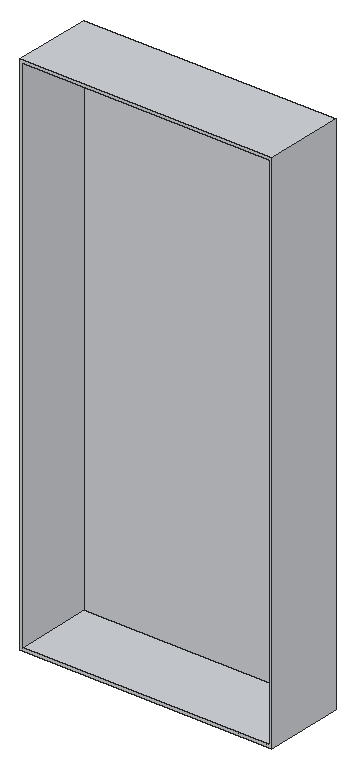
Revit family "Hager-Volta-IP30-Surface_mounted-empty-NoHosted-CH-en", category Electrical Equipment, Revit 2020
Family settings
  Panel Configuration = Two Columns, Circuits Across
  Round Connector Dimension = Use Diameter
  Part Type = Panelboard
  Work Plane-Based = Yes
  Always vertical = Yes
  Cut with Voids When Loaded = No
  Shared = No
  Room Calculation Point = No
Parameters (values of type "Surface mounted IP30 W305 H640 D96.5 12 Modular spacings - VA48MD")
  Width Control [instance] = if([HG000006 - Flush mounted], if([EF000846 - Built-in width] > min_whd, [EF000846 - Built-in width], min_whd), if([EF000008 - Width] > min_whd, ([EF000008 - Width]), min_whd))  # 305 mm
  Void Depth [instance] = if([EF000218 - Built-in depth] > 1 mm, [EF000218 - Built-in depth], 1 mm)  # 1 mm
  Type Comments = [HG000003 - Range]  # "Volta"
  System Height [instance] = Height Control - 2 * [HG000005 - Thickness]  # 634 mm
  Panel Name [instance] = ""  # (empty or 0)
  Offset [instance] = 0 mm
  Model = [HG000004 - Manufacturer reference]  # "VA48MD"
  Level Offset [instance] = [Flush Mounted - Door Frame Width] + Offset  # 0 mm
  HG000017 - Distance between poles = 18 mm
  HG000016 - Door 3d visibility [instance] = yes
  HG000015 - Clearance visibility [instance] = no
  HG000014 - Door on the right [instance] = yes
  HG000013 - Door on the left [instance] = not([HG000014 - Door on the right])  # no
  HG000012 - Door swing angle [instance] = 45.00°
  HG000011 - Empty rows from bottom = no
  HG000010 - Asymmetric doors = no
  HG000009 - Double swing door = no
  HG000008 - Number of empty rows = 0
  HG000007 - Number of empty columns = 0
  HG000006 - Flush mounted = no
  HG000005 - Thickness = 3 mm  # constant formula
  HG000004 - Manufacturer reference = "VA48MD"
  HG000003 - Range = "Volta"
  HG000002 - With door or cover = no
  HG000001 - Number of columns = 0
  EF015941 - Signal passing door = no
  EF015777 - Neutral terminal block = no
  EF015776 - Earthing terminal block = no
  EF009212 - Cover model = "EV009916 - With notch"
  EF006306 - With lock = no
  EF006244 - Transparent cover/door = no
  EF005474 - Degree of protection (IP) = "EV006410 - IP30"
  EF004462 - Type of closure = ""
  EF002950 - Width in number of modular spacings = 12
  EF001596 - Material housing = ""
  EF001134 - DIN-rail = no
  EF001131 - Internal depth = 0 mm
  EF001088 - Extension possible = yes
  EF001062 - EMC-version = no
  EF000846 - Built-in width = 0 mm
  EF000339 - Type of cover = "EV000494 - None"
  EF000332 - Built-in height = 0 mm
  EF000266 - Number of rows = 0
  EF000218 - Built-in depth = 0 mm
  EF000118 - With mounting plate = yes
  EF000116 - RAL-number = "9010"
  EF000049 - Depth = 96 mm
  EF000040 - Height = 640 mm
  EF000008 - Width = 305 mm
  EF000007 - Colour = ""
  EF000003 - Mounting method = "EV000384 - Surface mounted (plaster)"
  Description = ""
  Default Elevation = 1219.2 mm
  Arrow Offset [instance] = Depth Control / 8  # 12 mm
  Arrow Height [instance] = Depth Control - Arrow Offset  # 84 mm
  Host Offset [instance] = if([HG000006 - Flush mounted], 0 mm, [EF000049 - Depth])  # 96 mm
  min_whd [instance] = (2 * [HG000005 - Thickness]) + 1 mm  # 7 mm
  Manufacturer = "Hager"  # constant formula
  Height Control [instance] = if([HG000006 - Flush mounted], if([EF000332 - Built-in height] > min_whd, [EF000332 - Built-in height], min_whd), if([EF000040 - Height] > min_whd, ([EF000040 - Height]), min_whd))  # 640 mm
  Flush Mounted - Door Frame Width [instance] = if(([EF000040 - Height] - [EF000332 - Built-in height]) > 0 mm, if([HG000006 - Flush mounted], [EF000040 - Height] - [EF000332 - Built-in height], 0 mm), 0 mm)  # 0 mm
  Depth Control [instance] = if([HG000006 - Flush mounted], if([EF000218 - Built-in depth] > 0 mm, [EF000218 - Built-in depth], 1 mm), if([EF000049 - Depth] > 0 mm, ([EF000049 - Depth]), 1 mm))  # 96 mm
Reference planes
  plane 1 "Center (Front/Back)": y = 0
  plane 2: z = 0
  plane 3 "Center (Left/Right)": x = 0
  plane 4: y = 3
  plane 5: y = 0
  plane 6: y = 0
  plane 7: z = 0
  plane 8: x = -152.5
  plane 9: x = 152.5
  plane 10: x = 149.5
  plane 11: x = -149.5
  plane 12: z = 0
  plane 13: z = 3
  plane 14: y = -91
  plane 15: y = -96
  plane 16: y = -3
  plane 17: z = 637
  plane 18: z = 640
  plane 19: z = 320
  plane 20: x = 0
  plane 21: y = -100
Forms (mm)
  Extrusion 1, solid
    sketch origin (-208.679, -4572, 0) x (-1, 0, 0) y (0, -1, 0)
      loop
        line (-56.179, -4476) -> (-361.179, -4476) -> (-361.179, -4572) -> (-56.179, -4572) -> (-56.179, -4476)
    from 0 to 640 <- "Height Control"
  Extrusion 2, void
    sketch origin (-350.771, -96, 1219.2) x (1, 0, 0) y (0, 0, 1)
      loop
        line (201.271, -582.2) -> (201.271, -1216.2) -> (500.271, -1216.2) -> (500.271, -582.2) -> (201.271, -582.2)
    from 0 to -93
  Extrusion 3, solid, detail levels coarse+medium
    sketch origin (-350.771, -96, 1219.2) x (-1, 0, 0) y (0, 0, 1)
      loop
        line (-201.271, -582.2) -> (-500.271, -582.2) -> (-500.271, -1216.2) -> (-201.271, -1216.2) -> (-201.271, -582.2)
    from 0 to 3 <- "HG000005 - Thickness"
Cuts and joins
  Extrusion 2 cuts Extrusion 1
Dimensions and locks
  "Flush Mounted - Door Frame Width": plane 1 "Center (Front/Back)" to plane 6
  "HG000005 - Thickness": plane 4 to plane 6
  "HG000005 - Thickness": plane 8 to plane 11
  "HG000005 - Thickness": plane 9 to plane 10
  equal spacing: plane 8, plane 3 "Center (Left/Right)", plane 9
  "Width Control": plane 8 to plane 9
  locked: plane 14 to plane 15 at 5
  "Host Offset": plane 1 "Center (Front/Back)" to plane 15
  "Depth Control": plane 5 to plane 15
  "HG000005 - Thickness": plane 5 to plane 16
  "HG000005 - Thickness": plane 13 to plane 12
  "Level Offset": plane 12 to level
  "HG000005 - Thickness": plane 18 to plane 17
  "Height Control": plane 18 to plane 12
  "Arrow Offset": plane 5 to nested 4
  equal spacing: plane 18, plane 19, plane 12
  locked: connector elem to plane 19
  locked: connector elem to plane 3 "Center (Left/Right)"
  aligned and locked: nested 1 to plane 14
  aligned and locked: plane 3 "Center (Left/Right)" to nested 1
  aligned and locked: plane 3 "Center (Left/Right)" to nested 2
  aligned and locked: nested 2 to plane 15
  aligned and locked: plane 5 to Extrusion 1
  aligned and locked: Extrusion 3 sketch curve to plane 17
  aligned and locked: Extrusion 3 sketch curve to plane 11
  aligned and locked: plane 13 to Extrusion 3 sketch curve
  aligned and locked: Extrusion 3 sketch curve to plane 10
  aligned and locked: plane 13 to Extrusion 2 sketch curve
  aligned and locked: Extrusion 2 sketch curve to plane 10
  aligned and locked: Extrusion 2 sketch curve to plane 17
  aligned and locked: Extrusion 2 sketch curve to plane 11
  aligned and locked: plane 16 to Extrusion 2
  aligned and locked: plane 5 to Extrusion 1 sketch curve
  aligned and locked: plane 9 to Extrusion 1 sketch curve
  aligned and locked: plane 8 to Extrusion 1 sketch curve
  aligned and locked: plane 8 to nested 4
  aligned and locked: plane 8 to nested 3
  aligned and locked: nested 3 to plane 5
  aligned and locked: Extrusion 1 sketch curve to plane 15
  aligned and locked: Extrusion 2 to plane 15
Nested families
  nested 1: "Hager_Enclosure_System" at (0, -91, 3), Flush_Mounted <- "HG000006 - Flush mounted", Width <- "EF000008 - Width", Height <- "System Height", Width_Control <- "Width Control", Row_Module_Multiplicator <- "EF002950 - Width in number of modular spacings", Empty_Columns <- "HG000007 - Number of empty columns", Built-in_Width <- "EF000846 - Built-in width", Border <- "HG000005 - Thickness", Total_No_Empty_Rows <- "HG000008 - Number of empty rows", Depth <- "HG000005 - Thickness", Empty_Rows_From_Bottom <- "HG000011 - Empty rows from bottom", Distance_Between_Poles <- "HG000017 - Distance between poles", Rows_Count <- "EF000266 - Number of rows", Columns_Count <- "HG000001 - Number of columns", type "Hager_Enclosure_System", detail levels medium+fine
    with Width_Control 305 mm, Width 305 mm, Total_No_Rows 0, Total_No_Empty_Rows 0, Total_No_Columns 1, System_Width 299 mm, Rows_Count 0, Rows_Column 0, Row_Module_Multiplicator 12, Panel_4 no, Panel_3 no, Panel_2 no, Panel_1 no, No_Panels_Ctrl 1, Hide_Columns yes, Height 634 mm, Flush_Mounted no, Empty_Rows_From_Bottom no, Empty_Rows_Column 0, Empty_Columns 0, Distance_Between_Poles 18 mm, Depth 3 mm, Columns_Count 0, Column_Width 299 mm, Built-in_Width 0 mm, Border 3 mm
  nested 2: "Hager_Enclosure_Door" at (0, -96, 0), Double <- "HG000009 - Double swing door", Height_Ctrl <- "Height Control", Transparent <- "EF006244 - Transparent cover/door", Depth <- "EF000049 - Depth", Height <- "EF000040 - Height", Angle <- "HG000012 - Door swing angle", Door_Right <- "HG000014 - Door on the right", Assymetrical <- "HG000010 - Asymmetric doors", Flush_Mounted <- "HG000006 - Flush mounted", BuiltIn_Depth <- "EF000218 - Built-in depth", BuiltIn_Width <- "EF000846 - Built-in width", Door <- "HG000002 - With door or cover", Width_Ctrl <- "Width Control", 3d_Door <- "HG000016 - Door 3d visibility", Width <- "EF000008 - Width", Border <- "HG000005 - Thickness", BuiltIn_Height <- "EF000332 - Built-in height", Clearance <- "HG000015 - Clearance visibility", Door_Left <- "HG000013 - Door on the left", type "Hager_Enclosure_Door", detail levels medium+fine
    with min_wh 7 mm, Width_Ctrl 305 mm, Width 305 mm, Transparent_Door_No_Bottom_Border no, Transparent no, Leaf_Width 296 mm, Leaf_Tolerance 1.5 mm, Leaf_Height 631 mm, Leaf_2_Width 296 mm, Leaf_2_Offset 148 mm, Leaf_1_Width 296 mm, Leaf_1_Offset 148 mm, Height_Ctrl 640 mm, Height 640 mm, Frame_Width_Ctrl 305 mm, Frame_Width 305 mm, Frame_Internal_Offset 0 mm, Frame_Height_Ctrl 640 mm, Frame_Height 640 mm, Frame_Depth_Ctrl 1 mm, Frame_Depth 0 mm, Flush_Mounted no, Double_Clearance_Ctrl no, Double no, Door_Right_Ctrl no, Door_Right yes, Door_Left_Ctrl no, Door_Left no, Door no, Depth 96 mm, Clearance_Depth 296 mm, Clearance_Ctrl no, Clearance no, BuiltIn_Width 0 mm, BuiltIn_Height 0 mm, BuiltIn_Depth 0 mm, Border 3 mm, Assymetrical no, Angle 45.00°, 3d_Door yes
  nested 3: "Hager_Enclosure_Symbol_Triangle" at (-152.5, 0, 0), Depth <- "Depth Control", Width <- "Width Control", type "Hager_Enclosure_Symbol_Triangle"
    with Width_Ctrl 305 mm, Width 305 mm, Depth_Ctrl 96 mm, Depth 96 mm
  nested 4: "Hager_Enclosure_Symbol_Arrow" at (-152.5, -12, 0), Height <- "Arrow Height", type "Hager_Enclosure_Symbol_Arrow"
    with Width_Inside 6.3 mm, Width 75.6 mm, Height_Ctrl 84 mm, Height 84 mm
Connectors
  electrical at (0, 0, 320)
    settings: on plane 5, index 1, voltage 0 V, apparent load 0 VA, apparent load phase1 0 VA, apparent load phase2 0 VA, apparent load phase3 0 VA, power factor 1, load classification "Other", number of poles 1, system type 30, power factor state 1, is connector primary yes, connector utility no, sub classification motor no, connector description ""
Definition of nested family "Hager_Enclosure_Door"
  Parameters (values of type "Hager_Enclosure_Door")
    min_wh [instance] = (2 * Border) + 1 mm  # 11 mm
    Width_Ctrl [instance] = 400 mm
    Width [instance] = 500 mm
    Transparent_Door_No_Bottom_Border [instance] = no
    Transparent [instance] = yes
    Leaf_Width [instance] = if((Width_Ctrl - 2 * Border - 2 * Leaf_Tolerance) > 0 mm, (Width_Ctrl - 2 * Border - 2 * Leaf_Tolerance), min_wh)  # 387 mm
    Leaf_Tolerance [instance] = 1.5 mm  # constant formula
    Leaf_Height [instance] = if((Height_Ctrl - 2 * Border - 2 * Leaf_Tolerance) > 0 mm, (Height_Ctrl - 2 * Border - 2 * Leaf_Tolerance), min_wh)  # 387 mm
    Leaf_2_Width [instance] = if(and(and(Double, Assymetrical), Door_Left), (Leaf_Width / 3) - (Leaf_Tolerance / 2), if(and(and(Double, Assymetrical), Door_Right), (Leaf_Width / 3) * 2 - (Leaf_Tolerance / 2), if(and(Double, not(Assymetrical)), (Leaf_Width / 2) - Leaf_Tolerance, Leaf_Width)))  # 387 mm
    Leaf_2_Offset [instance] = if(and(Double, Assymetrical), Leaf_2_Width / 2, if(and(Double, not(Assymetrical)), Leaf_Width / 4, Leaf_Width / 2))  # 193.5 mm
    Leaf_1_Width [instance] = if(and(and(Double, Assymetrical), Door_Right), (Leaf_Width / 3) - (Leaf_Tolerance / 2), if(and(and(Double, Assymetrical), Door_Left), (Width / 3) * 2 - (Leaf_Tolerance / 2), if(and(Double, not(Assymetrical)), (Leaf_Width / 2) - Leaf_Tolerance, Leaf_Width)))  # 387 mm
    Leaf_1_Offset [instance] = if(and(Double, Assymetrical), Leaf_1_Width / 2, if(and(Double, not(Assymetrical)), Leaf_Width / 4, Leaf_Width / 2))  # 193.5 mm
    Height_Ctrl [instance] = 400 mm
    Height [instance] = 500 mm
    Frame_Width_Ctrl [instance] = if(Frame_Width > 0 mm, Frame_Width, 1 mm)  # 1 mm
    Frame_Width [instance] = Width - BuiltIn_Width  # 0 mm
    Frame_Internal_Offset [instance] = if(Flush_Mounted, Border, 0 mm)  # 5 mm
    Frame_Height_Ctrl [instance] = if(Frame_Height > 0 mm, Frame_Height, 1 mm)  # 1 mm
    Frame_Height [instance] = Height - BuiltIn_Height  # 0 mm
    Frame_Depth_Ctrl [instance] = if(Frame_Depth > 0 mm, Frame_Depth, 1 mm)  # 1 mm
    Frame_Depth [instance] = if(Depth - BuiltIn_Depth > 0 mm, if(Flush_Mounted, Depth - BuiltIn_Depth, 0 mm), 0 mm)  # 0 mm
    Flush_Mounted [instance] = yes
    Double_Clearance_Ctrl [instance] = and(Double, Clearance)  # no
    Double [instance] = no
    Door_Right_Ctrl [instance] = and(or(Door_Right, Double), Door)  # yes
    Door_Right [instance] = yes
    Door_Left_Ctrl [instance] = and(or(Door_Left, Double), Door)  # no
    Door_Left [instance] = no
    Door [instance] = yes
    Depth [instance] = 500 mm
    Default Elevation = 1219.2 mm
    Clearance_Material = none
    Clearance_Depth [instance] = if(Leaf_1_Width > Leaf_2_Width, Leaf_1_Width, Leaf_2_Width)  # 387 mm
    Clearance_Ctrl [instance] = and(not(Double), Clearance)  # yes
    Clearance [instance] = yes
    BuiltIn_Width [instance] = 500 mm
    BuiltIn_Height [instance] = 500 mm
    BuiltIn_Depth [instance] = 500 mm
    Border [instance] = 5 mm
    Assymetrical [instance] = yes
    Angle [instance] = 30.00°
    3d_Door [instance] = yes
  Reference planes
    plane 1 "Center (Front/Back)": y = 0
    plane 2 "Bottom": z = 0
    plane 3 "Center (Left/Right)": x = 0
    plane 4: z = 400
    plane 5: x = -200
    plane 6: x = 200
    plane 7: z = 395
    plane 8: x = -195
    plane 9: z = 5
    plane 10: x = 195
    plane 11: y = 0
    plane 12: z = 6.5
    plane 13: x = -582
    plane 14: y = -387
    plane 15: x = 582
    plane 16: x = 0
    plane 17: x = 0
    plane 18: x = -193.5
    plane 19: x = 193.5
    plane 20: z = 393.5
  Forms (mm)
    Extrusion 1, solid, visible <- "Flush_Mounted"
      sketch origin (0, 0, 0) x (1, 0, 0) y (0, 0, 1)
        loop
          line (195, 5) -> (195, 395) -> (-195, 395) -> (-195, 5) -> (195, 5)
        loop
          line (-201, 401) -> (-201, -1) -> (201, -1) -> (201, 401) -> (-201, 401)
      from 0 to 1 <- "Frame_Depth_Ctrl"
    Extrusion 2, solid, material <- "Clearance_Material", visible <- "Double_Clearance_Ctrl"
      sketch origin (1200, 0, 0) x (1, 0, 0) y (0, 0, -1)
        loop
          line (-1782, -393.5) -> (-618, -393.5) -> (-618, 0) -> (-1782, 0) -> (-1782, -393.5)
      from 0 to -387
  Dimensions and locks
    equal spacing: plane 5, plane 3 "Center (Left/Right)", plane 6
    "Width_Ctrl": plane 5 to plane 6
    "Border": plane 5 to plane 8
    "Border": plane 6 to plane 10
    "Border": plane 9 to level
    "Border": plane 4 to plane 7
    "Height_Ctrl": plane 4 to level
    "Leaf_Tolerance": plane 12 to plane 9
    "Frame_Depth": plane 11 to plane 1 "Center (Front/Back)"
    "Frame_Width_Ctrl": plane 5 to Extrusion 1 sketch curve
    "Frame_Width_Ctrl": plane 6 to Extrusion 1 sketch curve
    "Frame_Width_Ctrl": Extrusion 1 sketch curve to plane 4
    "Frame_Width_Ctrl": plane 2 "Bottom" to Extrusion 1 sketch curve
    "Leaf_1_Offset": plane 18 to plane 16
    "Leaf_2_Offset": plane 17 to plane 19
    "Leaf_1_Width": plane 13 to plane 8
    "Leaf_2_Width": plane 10 to plane 15
    "Clearance_Depth": plane 14 to plane 1 "Center (Front/Back)"
    "Leaf_Tolerance": plane 8 to plane 18
    "Leaf_Tolerance": plane 19 to plane 10
    "Leaf_Tolerance": plane 7 to plane 20
    "Frame_Internal_Offset": plane 5 to Extrusion 1 sketch curve
    "Frame_Internal_Offset": Extrusion 1 sketch curve to plane 2 "Bottom"
    "Frame_Internal_Offset": plane 6 to Extrusion 1 sketch curve
    "Frame_Internal_Offset": plane 4 to Extrusion 1 sketch curve
    aligned and locked: level to plane 2 "Bottom"
    aligned and locked: nested 1 to plane 16
    aligned and locked: nested 2 to plane 17
    aligned and locked: Extrusion 2 to plane 13
    aligned and locked: plane 15 to Extrusion 2
    aligned and locked: Extrusion 2 to plane 14
    aligned and locked: plane 12 to nested 1
    aligned and locked: nested 2 to plane 12
    aligned and locked: Extrusion 2 to plane 11
    aligned and locked: plane 20 to Extrusion 2
    aligned and locked: nested 2 to plane 11
    aligned and locked: nested 1 to plane 11
  Automatic sketch dimensions
    Extrusion 2 sketch curve to level = 0 mm
    plane 5 to Extrusion 2 sketch curve = 382 mm
    plane 6 to Extrusion 2 sketch curve = 382 mm
    Extrusion 2 sketch curve to plane 4 = 6.5 mm
  Nested families
    nested 1: "Hager_Enclosure_Door_Leaf" at (0, 0, 6.5), Width <- "Leaf_1_Width", visible <- "Door_Left_Ctrl", Leaf_Height <- "Leaf_Height", Angle <- "Angle", Depth <- "Border", 3d_Door <- "3d_Door", Transparent <- "Transparent", Clearance Material <- "Clearance_Material", Clearance <- "Clearance_Ctrl", Transparent_Door_No_Bottom_Border <- "Transparent_Door_No_Bottom_Border", type "Hager_Enclosure_Door_Leaf"
      with Width 387 mm, Transparent_Door_No_Bottom_Border no, Transparent_Door_Border_Bottom_Top 25 mm, Transparent_Door_Border 25 mm, Transparent_Ctrl yes, Transparent yes, Standard no, Leaf_Height 387 mm, Glass_Offset 1 mm, Depth 5 mm, Clearance Material none, Clearance yes, Angle_Ctrl 30.00°, Angle 30.00°, 3d_Door yes
    nested 2: "Hager_Enclosure_Door_Leaf" at (0, 0, 6.5) x (-1, 0, 0) z (0, 0, 1), Width <- "Leaf_2_Width", visible <- "Door_Right_Ctrl", Leaf_Height <- "Leaf_Height", Angle <- "Angle", Depth <- "Border", 3d_Door <- "3d_Door", Transparent <- "Transparent", Clearance Material <- "Clearance_Material", Clearance <- "Clearance_Ctrl", Transparent_Door_No_Bottom_Border <- "Transparent_Door_No_Bottom_Border", type "Hager_Enclosure_Door_Leaf"
      with Width 387 mm, Transparent_Door_No_Bottom_Border no, Transparent_Door_Border_Bottom_Top 25 mm, Transparent_Door_Border 25 mm, Transparent_Ctrl yes, Transparent yes, Standard no, Leaf_Height 387 mm, Glass_Offset 1 mm, Depth 5 mm, Clearance Material none, Clearance yes, Angle_Ctrl 30.00°, Angle 30.00°, 3d_Door yes
  Definition of nested family "Hager_Enclosure_Door_Leaf"
    Parameters (values of type "Hager_Enclosure_Door_Leaf")
      Width [instance] = 2000 mm
      Transparent_Door_No_Bottom_Border [instance] = yes
      Transparent_Door_Border_Bottom_Top [instance] = if(Transparent_Door_No_Bottom_Border, 0.1 mm, Transparent_Door_Border)  # 0.1 mm
      Transparent_Door_Border [instance] = if(Transparent_Door_No_Bottom_Border, (Width * 0.12), 25 mm)  # 240 mm
      Transparent_Ctrl [instance] = and(Transparent, [3d_Door])  # yes
      Transparent [instance] = yes
      Standard [instance] = and(not(Transparent), [3d_Door])  # no
      Leaf_Height [instance] = 2720.336 mm
      Glass_Offset [instance] = if((Depth - 10 mm) / 2 > 0 mm, (Depth - 10 mm) / 2, 1 mm)  # 15 mm
      Glass_Material = none
      Depth [instance] = 40 mm
      Default Elevation = 0 mm
      Clearance Material [instance] = none
      Clearance [instance] = yes
      Angle_Ctrl [instance] = if(Angle > 170.00°, 170.00°, Angle)  # 45.00°
      Angle [instance] = 45.00°
      3d_Door [instance] = yes
    Reference planes
      plane 1 "Center (Front/Back)": y = 0
      plane 2: z = 0
      plane 3 "Center (Left/Right)": x = 0
      plane 4: y = 2000
      plane 5: x = -1000
      plane 6: x = 1000
      plane 7: x = -3000
      plane 8: z = 2720.336
      plane 9: z = 0.1
      plane 10: z = 2720.236
      plane 11: x = 760
      plane 12: x = -760
    Forms (mm)
      Extrusion 1, solid, material <- "Clearance Material", visible <- "Clearance"
        sketch origin (0, 0, 0) x (1, 0, 0) y (0, 0, 1)
          loop
            line (-3000, 2720.336) -> (-3000, 0) -> (1000, 0) -> (1000, 2720.336) -> (-3000, 2720.336)
        from 0 to -2000
      Extrusion 2, solid, visible <- "Standard", detail levels medium+fine
        sketch origin (-1000, 0, 0) x (0.707107, 0.707107, 0) y (-0.707107, 0.707107, 0)
          loop
            line (0, -40) -> (2000, -40) -> (2000, 0) -> (0, 0) -> (0, -40)
        from 0 to 2720.336 <- "Leaf_Height"
      Extrusion 3, solid, visible <- "Transparent_Ctrl", detail levels medium+fine
        sketch origin (-1000, 0, 0) x (0.707107, 0.707107, 0) y (-0.707107, 0.707107, 0)
          loop
            line (0, -40) -> (2000, -40) -> (2000, 0) -> (0, 0) -> (0, -40)
        from 0 to 2720.336 <- "Leaf_Height"
      Extrusion 4, void, detail levels medium+fine
        sketch origin (-1000, 0, 0) x (-0.707107, 0.707107, 0) y (0.707107, 0.707107, 0)
          loop
            line (0, 240) -> (0, 1760) -> (-40, 1760) -> (-40, 240) -> (0, 240)
        from -2720.236 to -0.1
      Extrusion 5, solid, material <- "Glass_Material", visible <- "Transparent_Ctrl", detail levels medium+fine
        sketch origin (-1000, 0, 0) x (0.707107, 0.707107, 0) y (-0.707107, 0.707107, 0)
          loop
            line (240, -15) -> (240, -25) -> (1760, -25) -> (1760, -15) -> (240, -15)
        from 0.1 to 2720.236
    Cuts and joins
      Extrusion 4 cuts Extrusion 3
    Lines and regions (mm)
      symbolic lines
        curve 1: line (1000, 0, 0) -> (-3000, 0, 0)
        curve 2: arc (1000, 0, 0) -> (-1000, 2000, 0) -> (-3000, 0, 0) r 2000
        curve 4: line (-1000, 0, 0) -> (414.214, 1414.214, 0)
      reference lines
        curve 3: line (-1000, 0, 0) -> (414.214, 1414.214, 0)
      symbolic lines, detail levels medium+fine
        curve 5: line (414.214, 1414.214, 0) -> (442.498, 1385.929, 0)
        curve 6: line (442.498, 1385.929, 0) -> (-971.716, -28.284, 0)
        curve 7: line (-971.716, -28.284, 0) -> (-1000, 0, 0)
        curve 8: line (-1000, 0, 2720.336) -> (1000, 0, 2720.336)
        curve 9: line (-1000, 0, 0) -> (-1000, 0, 2720.336)
        curve 10: line (1000, 0, 0) -> (-1000, 0, 0)
        curve 11: line (1000, 0, 2720.336) -> (1000, 0, 0)
      symbolic lines, visible <- "Transparent_Ctrl", detail levels medium+fine
        curve 12: line (-760, 0, 2720.236) -> (760, 0, 2720.236)
        curve 13: line (-760, 0, 0.1) -> (-760, 0, 2720.236)
        curve 14: line (760, 0, 0.1) -> (-760, 0, 0.1)
        curve 15: line (760, 0, 2720.236) -> (760, 0, 0.1)
    Dimensions and locks
      "Width": plane 1 "Center (Front/Back)" to plane 4
      equal spacing: plane 5, plane 3 "Center (Left/Right)", plane 6
      "Width": plane 5 to plane 6
      "Width": plane 7 to plane 5
      "Leaf_Height": plane 8 to level
      "Depth": curve 6 to curve 3
      "Width": curve 5 to curve 3
      "Width": curve 3 to curve 3
      "Transparent_Door_Border": Extrusion 4 sketch curve to curve 7
      "Transparent_Door_Border": Extrusion 4 sketch curve to curve 5
      "Transparent_Door_Border_Bottom_Top": plane 8 to plane 10
      "Transparent_Door_Border_Bottom_Top": plane 9 to level
      "Glass_Offset": Extrusion 5 sketch curve to curve 4
      "Glass_Offset": Extrusion 5 sketch curve to curve 6
      "Transparent_Door_Border": Extrusion 5 sketch curve to curve 5
      "Transparent_Door_Border": Extrusion 5 sketch curve to curve 7
      "Transparent_Door_Border": plane 12 to plane 5
      "Transparent_Door_Border": plane 6 to plane 11
      "Angle_Ctrl": angle plane 1 "Center (Front/Back)" to curve 3
      aligned and locked: level to plane 2
      aligned and locked: Extrusion 1 to curve 1
      aligned and locked: plane 6 to Extrusion 1
      aligned and locked: Extrusion 1 to plane 1 "Center (Front/Back)"
      aligned and locked: plane 4 to Extrusion 1
      aligned and locked: plane 8 to Extrusion 1
      aligned and locked: curve 4 to curve 3
      aligned and locked: Extrusion 2 sketch curve to curve 7
      aligned and locked: Extrusion 2 sketch curve to curve 6
      aligned and locked: Extrusion 2 sketch curve to curve 5
      aligned and locked: Extrusion 2 sketch curve to curve 3
      aligned and locked: curve 7 to Extrusion 3 sketch curve
      aligned and locked: Extrusion 3 sketch curve to curve 4
      aligned and locked: Extrusion 3 sketch curve to curve 6
      aligned and locked: Extrusion 3 sketch curve to curve 5
      aligned and locked: curve 4 to Extrusion 4 sketch curve
      aligned and locked: curve 6 to Extrusion 4 sketch curve
      aligned and locked: Extrusion 4 to plane 9
      aligned and locked: Extrusion 4 to plane 10
      aligned and locked: Extrusion 5 to plane 9
      aligned and locked: Extrusion 5 to plane 10
      aligned and locked: curve 8 to plane 8
      aligned and locked: plane 5 to curve 9
      aligned and locked: plane 2 to curve 10
      aligned and locked: curve 11 to plane 6
      aligned and locked: plane 10 to curve 12
      aligned and locked: plane 12 to curve 13
      aligned and locked: curve 14 to plane 9
      aligned and locked: plane 11 to curve 15
    Automatic sketch dimensions
      plane 1 "Center (Front/Back)" to curve 2 = 0 mm
      curve 2 to plane 5 = 0 mm
      Extrusion 1 sketch curve to level = 0 mm
      Extrusion 1 sketch curve to plane 7 = 0 mm
      Extrusion 1 sketch curve to plane 6 = 0 mm
      Extrusion 1 sketch curve to plane 8 = 0 mm
      plane 1 "Center (Front/Back)" to curve 3 = 0 mm
      curve 3 to plane 5 = 0 mm
      curve 7 to curve 3 = 0 mm
Definition of nested family "Hager_Enclosure_Symbol_Triangle"
  Parameters (values of type "Hager_Enclosure_Symbol_Triangle")
    Width_Ctrl [instance] = if(Width > 1 mm, Width, 1 mm)  # 498 mm
    Width [instance] = 498 mm
    Depth_Ctrl [instance] = if(Depth > 1 mm, Depth, 1 mm)  # 72 mm
    Depth [instance] = 72 mm
  Reference planes
    plane 1 "Centre (avant/arrière)": y = 0
    plane 2: z = 0
    plane 3 "Centre (gauche/droite)": x = 0
  Lines and regions (mm)
    Filled region 1, type "Solid_Black", in view "Niveau de réf."
      outline origin (0, 0, 0) x (1, 0, 0) y (0, 1, 0)
        loop
          line (0, 0) -> (498, 0) -> (498, 72) -> (0, 0)
    reference lines, in view "Niveau de réf."
      curve 1: line (-206.153, 72, 0) -> (1083.258, 72, 0)
      curve 2: line (498, 405.456, 0) -> (498, -517.619, 0)
  Dimensions and locks
    "Depth_Ctrl": plane 1 "Centre (avant/arrière)" to curve 1
    "Width_Ctrl": plane 3 "Centre (gauche/droite)" to curve 2
    aligned and locked: curve 1 to Filled region 1 sketch curve
    aligned and locked: Filled region 1 sketch curve to plane 1 "Centre (avant/arrière)"
    aligned and locked: curve 2 to Filled region 1 sketch curve
    aligned and locked: plane 3 "Centre (gauche/droite)" to Filled region 1 sketch curve
    aligned and locked: plane 1 "Centre (avant/arrière)" to Filled region 1 sketch curve
  Automatic sketch dimensions
    curve 1 to plane 3 "Centre (gauche/droite)" = 206.153 mm
    curve 2 to curve 1 = 585.258 mm
    plane 1 "Centre (avant/arrière)" to curve 2 = 517.619 mm
    curve 2 to plane 1 "Centre (avant/arrière)" = 405.456 mm
Definition of nested family "Hager_Enclosure_Symbol_Arrow"
  Parameters (values of type "Hager_Enclosure_Symbol_Arrow")
    Width_Inside [instance] = if(Width / 12 > 2 mm, Width / 12, 2 mm)  # 4.987 mm
    Width [instance] = if(Height_Ctrl * 0.9 > 2 mm, Height_Ctrl * 0.9, 2 mm)  # 59.85 mm
    Height_Ctrl [instance] = if(Height > 2 mm, Height, 2 mm)  # 66.5 mm
    Height [instance] = 66.5 mm
  Reference planes
    plane 1 "Centre (avant/arrière)": y = 0
    plane 2: z = 0
    plane 3 "Centre (gauche/droite)": x = 0
    plane 4: x = 59.85
    plane 5: y = 28.263
    plane 6: y = 38.238
    plane 7: y = 66.5
    plane 8: x = 29.925
    plane 9: y = 33.25
  Lines and regions (mm)
    Filled region 1, type "Solid_Black", in view "Niveau de réf."
      outline origin (0, 0, 0) x (1, 0, 0) y (0, 1, 0)
        loop
          line (59.85, 66.5) -> (37.929, 52.827) -> (51.846, 41.935) -> (59.85, 66.5)
    detail lines, in view "Niveau de réf."
      curve 1: line (0, 0, 0) -> (29.925, 38.238, 0)
      curve 2: line (29.925, 38.238, 0) -> (29.925, 28.263, 0)
      curve 3: line (29.925, 28.263, 0) -> (59.85, 66.5, 0)
  Dimensions and locks
    "Width": plane 3 "Centre (gauche/droite)" to plane 4
    "Height_Ctrl": plane 7 to plane 1 "Centre (avant/arrière)"
    equal spacing: plane 3 "Centre (gauche/droite)", plane 8, plane 4
    equal spacing: plane 7, plane 9, plane 1 "Centre (avant/arrière)"
    equal spacing: plane 6, plane 9, plane 5
    "Width_Inside": plane 6 to plane 9
    equal spacing: curve 3, Filled region 1 sketch curve, Filled region 1 sketch curve
    angle Filled region 1 sketch curve to curve 3 = 20.00°
    angle curve 3 to Filled region 1 sketch curve = 20.00°
    locked: curve 3 to Filled region 1 sketch curve (angle 90.00°)
  Automatic sketch dimensions
    plane 1 "Centre (avant/arrière)" to curve 1 = 0 mm
    curve 1 to plane 3 "Centre (gauche/droite)" = 0 mm
    curve 2 to plane 6 = 0 mm
    curve 3 to plane 8 = 0 mm
    curve 3 to plane 4 = 0 mm
    curve 2 to plane 5 = 0 mm
    curve 3 to plane 7 = 0 mm
    Filled region 1 sketch curve to plane 4 = 0 mm
    Filled region 1 sketch curve to plane 7 = 0 mm
